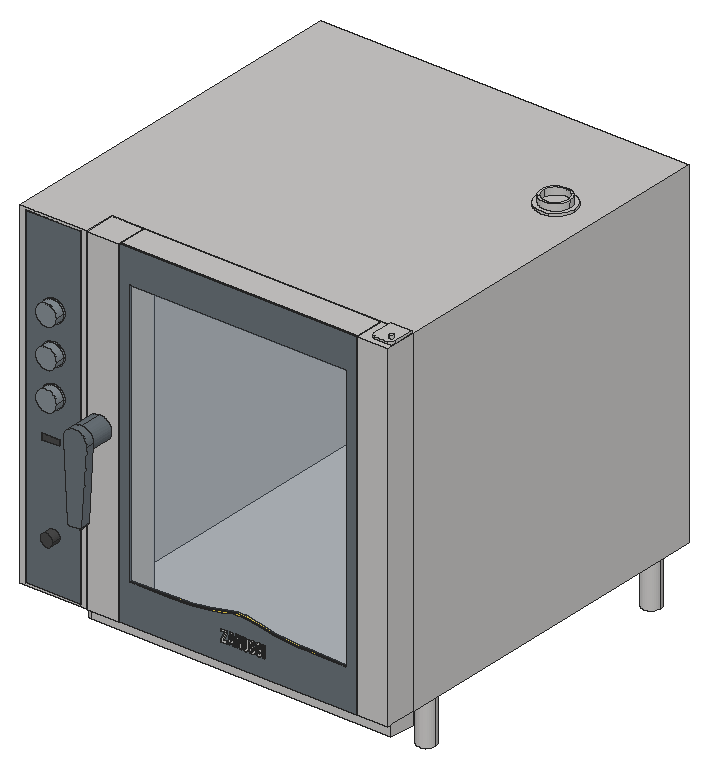
Revit family "QF_ZANUSSI_240455_ZFCE11CSCS", category Specialty Equipment, Revit 2023
Family settings
  Round Connector Dimension = Use Diameter
  Part Type = Normal
  Work Plane-Based = No
  Enable Cutting in Views = No
  Always vertical = Yes
  Cut with Voids When Loaded = No
  Maintain Annotation Orientation = No
  Shared = No
  Room Calculation Point = No
Parameters
  Weight = 121.20 kg
  Watts = 0 W
  Volts = 230 V
  URL Manufacturer = "http://www.zanussiprofessional.com"
  URL = "http://www.zanussiprofessional.com"
  Steam Supply Size = 0 mm
  Steam Supply Minimum Pressure = 0.0 Pa
  Steam Supply Maximum Pressure = 0.0 Pa
  Steam Consumption per Hour = 0
  Show Logo [instance] = yes
  Show Clearance [instance] = yes
  Refrigeration Suction Line Size = 0 mm
  Refrigeration Liquid Line Size = 0 mm
  Refrigerant Compressor Remote = yes
  Default Elevation = 0 mm
  Manufacturer = "Zanussi"
  Phase = 3
  Model = "ZFCE11CSCS"
  Length Actual = 890 mm
  Item Number = "240455"
  Hot Water Size = 0 mm
  Height Actual = 970 mm
  HP = "23.2 HP"
  Gas Size = 12.7 mm
  Gas KW = 0
  Gas Input Pressure = 0.0585289 W
  Direct Waste Size = 25 mm
  Description = "CONVECTION OVEN CW 10 GN 1/1 - ELECTRIC - 230V"
  Depth Actual = 900 mm
  Cycle = 50 Hz
  Condensate Return Size = 0 mm
  Compressed Air Volume = 0.0 L/s
  Compressed Air Size = 0 mm
  Compressed Air Pressure = 0.0 Pa
  Cold Water Size = 19.05 mm
  Accessory = no
Reference planes
  plane 1 "Center X": y = 96.351
  plane 2: z = 0
  plane 3 "Center Y": x = -330
  plane 4 "LEFT": x = -775
  plane 5 "BACK": y = 551.351
  plane 6 "RIGHT": x = 115
  plane 7 "FRONT": y = -358.649
  plane 8 "FeetLeft": x = -725
  plane 9: y = 501.351
  plane 10 "DoorDepth": y = -283.649
  plane 11 "FeetRight": x = 65
  plane 12 "BASE": z = 130
  plane 13 "TOP": z = 950
  plane 14: z = 0
  plane 15 "1": y = 274.351
  plane 16 "FeetFront": y = -178.649
  plane 17: z = 1018
  plane 18: y = -433.649
  plane 19 "Drain_X": x = -349
  plane 20 "Drain_Y": y = 256.351
  plane 21 "EI_x": x = -676
  plane 22 "EI_y": y = -99.649
  plane 23 "CWI_x": x = -659
  plane 24: y = -1044.649
  plane 25: y = 72.351
  plane 26: x = 15
Forms (mm)
  Extrusion 1, solid, material "QF_Finishes_Stainless Steel"
    sketch origin (0, 73.5, 130) x (-1, 0, 0) y (0, -1, 0)
      loop
        circle (659, 1.149) r 13.2
    from -5 to 0
  Extrusion 2, solid, material "QF_Finishes_Stainless Steel"
    sketch origin (0, 57.5, 130) x (-1, 0, 0) y (0, -1, 0)
      loop
        circle (676, 157.149) r 13.25
    from -5 to 0
  Extrusion 3, solid, material "QF_Finishes_Stainless Steel"
    sketch origin (89, -125, 130) x (-1, 0, 0) y (0, -1, 0)
      loop
        circle (438, -381.351) r 13.25
    from -5 to 0
  Extrusion 4, solid, material "QF_Finishes_Black"
    sketch origin (0, -358.649, 77) x (-1, 0, 0) y (0, 0, 1)
      loop
        circle (693.941, 183.023) r 15
    from 0 to -20
  Extrusion 5, solid, material "QF_Finishes_Zanussi_Soft Gray"
    sketch origin (0, -358.649, -96) x (-1, 0, 0) y (0, 0, 1)
      loop
        circle (693, 845.824) r 26.676
    from 0 to -3
  Blend 6, solid, material "QF_Finishes_Zanussi_Soft Gray"
    base sketch origin (0, -358.649, -96) x (-1, 0, 0) y (0, 0, 1)
      loop
        circle (693, 845.824) r 25
    top sketch origin (0, -358.649, -96) x (-1, 0, 0) y (0, 0, 1)
      loop
        circle (693, 845.824) r 24.8
    from -3 to -23
  Extrusion 7, solid, material "QF_Finishes_Zanussi_Soft Gray"
    sketch origin (0, -358.649, -105) x (-1, 0, 0) y (0, 0, 1)
      loop
        circle (693, 760.824) r 26.676
    from 0 to -3
  Blend 8, solid, material "QF_Finishes_Zanussi_Soft Gray"
    base sketch origin (0, -358.649, -105) x (-1, 0, 0) y (0, 0, 1)
      loop
        circle (693, 760.824) r 25
    top sketch origin (0, -358.649, -105) x (-1, 0, 0) y (0, 0, 1)
      loop
        circle (693, 760.824) r 24.8
    from -3 to -23
  Extrusion 9, solid, material "QF_Finishes_Zanussi_Soft Gray"
    sketch origin (0, -358.649, 183) x (-1, 0, 0) y (0, 0, 1)
      loop
        circle (693, 380.824) r 26.676
    from 0 to -3
  Blend 10, solid, material "QF_Finishes_Zanussi_Soft Gray"
    base sketch origin (0, -358.649, 183) x (-1, 0, 0) y (0, 0, 1)
      loop
        circle (693, 380.824) r 25
    top sketch origin (0, -358.649, 183) x (-1, 0, 0) y (0, 0, 1)
      loop
        circle (693, 380.824) r 24.8
    from -3 to -23
  Extrusion 11, solid, material "QF_Finishes_Stainless Steel"
    sketch origin (0, 0, 130) x (-1, 0, 0) y (0, -1, 0)
      loop
        line (775, -551.351) -> (775, 358.649) -> (613, 358.649) -> (613, 283.649) -> (-115, 283.649) -> (-115, -551.351) -> (775, -551.351)
    from 820 to 0
  Extrusion 12, solid, material "QF_Finishes_Zanussi_Dark Gray"
    sketch origin (0, -358.649, 0) x (-1, 0, 0) y (0, 0, 1)
      loop
        line (760, 945) -> (628, 945) -> (628, 135) -> (760, 135) -> (760, 945)
      loop
        line (678.941, 475.023) -> (678.941, 460.023) -> (720.941, 460.023) -> (720.941, 475.023) -> (678.941, 475.023)
    from 0 to 5
  Extrusion 13, void
    sketch origin (0, -358.649, 0) x (-1, 0, 0) y (0, 0, 1)
      loop
        line (760, 945) -> (628, 945) -> (628, 135) -> (760, 135) -> (760, 945)
    from 0 to 5
  Extrusion 14, void
    sketch origin (0, -358.649, 0) x (-1, 0, 0) y (0, 0, 1)
      loop
        line (-87.826, 145) -> (610, 145) -> (610, 930) -> (-87.826, 930) -> (-87.826, 145)
    from 883.561 to 75
  Extrusion 15, solid, material "QF_Finishes_Black"
    sketch origin (-5, -358.649, 195) x (-1, 0, 0) y (0, 0, 1)
      loop
        line (715.941, 280.023) -> (673.941, 280.023) -> (673.941, 265.023) -> (715.941, 265.023) -> (715.941, 280.023)
    from 5 to 0
  Extrusion 16, solid, material "QF_Clearances", detail levels coarse
    sketch origin (0, 0, 0) x (1, 0, 0) y (0, 1, 0)
      loop
        line (-825, -358.649) -> (-775, -358.649) -> (-775, 551.351) -> (115, 551.351) -> (115, -358.649) -> (165, -358.649) -> (165, 601.351) -> (-825, 601.351) -> (-825, -358.649)
    from 950 to 0
  Extrusion 17, solid, material "QF_Finishes_Stainless Steel"
    sketch origin (0, 0, 950) x (-1, 0, 0) y (0, -1, 0)
      loop
        circle (-15, -274.351) r 45
    from 5 to 0
  Extrusion 18, solid, material "QF_Finishes_Stainless Steel"
    sketch origin (0, 0, 950) x (-1, 0, 0) y (0, -1, 0)
      loop
        circle (-15, -274.351) r 35
      loop
        circle (-15, -274.351) r 30
    from 5 to 20.369
Cuts and joins
  Extrusion 13, Extrusion 14 cuts Extrusion 11
Lines and regions (mm)
  symbolic lines
    curve 1: line (-775, -358.649, 1620) -> (-775, 551.351, 1620)
    curve 2: line (-775, 551.351, 1620) -> (115, 551.351, 1620)
    curve 3: line (-613, -283.649, 1620) -> (115, -283.649, 1620)
    curve 4: line (-613, -283.649, 1620) -> (-613, -358.649, 1620)
    curve 5: line (-775, -358.649, 1620) -> (-613, -358.649, 1620)
    curve 6: line (-719.676, -361.649, 1620) -> (-666.324, -361.649, 1620)
    curve 7: line (-719.676, -361.649, 1620) -> (-719.676, -358.649, 1620)
    curve 8: line (-666.324, -361.649, 1620) -> (-666.324, -358.649, 1620)
    curve 9: line (115, 551.351, 1620) -> (115, -358.649, 1620)
    curve 10: line (-717.863, -381.649, 684) -> (-668.2, -381.649, 684)
    curve 11: line (-717.863, -381.649, 684) -> (-718, -361.649, 684)
    curve 12: line (-668.2, -381.649, 684) -> (-668, -361.649, 684)
    curve 18: circle (15, 274.351, 633) r 45 normal (0, 0, 1)
    curve 19: circle (15, 274.351, 633) r 35 normal (0, 0, 1)
    curve 20: circle (15, 274.351, 633) r 30 normal (0, 0, -1)
  symbolic lines, style "QF_Clearances", detail levels coarse
    curve 13: line (-825, -358.649, 0) -> (-825, 601.351, 0)
    curve 14: line (-825, 601.351, 0) -> (165, 601.351, 0)
    curve 15: line (165, 601.351, 0) -> (165, -358.649, 0)
    curve 16: line (165, -358.649, 0) -> (115, -358.649, 0)
    curve 17: line (-825, -358.649, 0) -> (-768.438, -358.649, 0)
Dimensions and locks
  equal spacing: plane 4 "LEFT", plane 3 "Center Y", plane 6 "RIGHT"
  equal spacing: plane 5 "BACK", plane 1 "Center X", plane 7 "FRONT"
  plane 12 "BASE" to plane 14 = 130 mm
  plane 13 "TOP" to plane 12 "BASE" = 820 mm
  plane 13 "TOP" to plane 14 = 950 mm
  plane 5 "BACK" to plane 9 = 50 mm
  plane 9 to plane 16 "FeetFront" = 680 mm
  locked: plane 16 "FeetFront" to plane 7 "FRONT" at 180
  plane 17 to plane 13 "TOP" to plane 12 "BASE" to level = 68 mm, 820 mm, 130 mm
  plane 17 to level = 1018 mm  (x2)
  plane 7 "FRONT" to plane 18 = 75 mm
  plane 5 "BACK" to plane 20 "Drain_Y" = 295 mm
  plane 4 "LEFT" to plane 19 "Drain_X" = 426 mm
  locked: plane 4 "LEFT" to plane 21 "EI_x" at 99
  plane 5 "BACK" to plane 22 "EI_y" = 651 mm
  plane 4 "LEFT" to plane 23 "CWI_x" = 116 mm
  plane 5 "BACK" to plane 15 "1" = 277 mm
  plane 5 "BACK" to plane 24 = 1596 mm
  plane 5 "BACK" to plane 25 = 479 mm
  locked: plane 10 "DoorDepth" to plane 7 "FRONT" at 75
  plane 8 "FeetLeft" to plane 4 "LEFT" = 50 mm
  plane 6 "RIGHT" to plane 11 "FeetRight" = 50 mm
  plane 11 "FeetRight" to plane 8 "FeetLeft" = 790 mm
  plane 5 "BACK" to plane 7 "FRONT" = 910 mm
  plane 4 "LEFT" to plane 6 "RIGHT" = 890 mm
  plane 26 to plane 6 "RIGHT" = 100 mm
  aligned and locked: level to plane 2
  aligned and locked: plane 12 "BASE" to nested 1
  aligned and locked: plane 12 "BASE" to nested 2
  aligned and locked: plane 12 "BASE" to nested 4
  aligned and locked: plane 12 "BASE" to nested 3
  aligned and locked: nested 5 to plane 10 "DoorDepth"
  aligned and locked: nested 5 to plane 12 "BASE"
  aligned and locked: plane 6 "RIGHT" to nested 5
  aligned and locked: plane 8 "FeetLeft" to nested 4
  aligned and locked: plane 11 "FeetRight" to nested 2
  aligned and locked: plane 11 "FeetRight" to nested 3
  aligned and locked: nested 4 to plane 9
  aligned and locked: nested 3 to plane 9
  aligned and locked: plane 16 "FeetFront" to nested 1
  aligned and locked: plane 16 "FeetFront" to nested 2
Automatic sketch dimensions
  Extrusion 2 sketch curve to plane 21 "EI_x" = 0 mm
  Extrusion 2 sketch curve to plane 22 "EI_y" = 0 mm
  Extrusion 3 sketch curve to plane 19 "Drain_X" = 0 mm
  Extrusion 3 sketch curve to plane 20 "Drain_Y" = 0 mm
  plane 12 "BASE" to Extrusion 4 sketch curve = 130.023 mm
  Extrusion 5 sketch curve to plane 13 "TOP" = 200.176 mm
  Blend 6 sketch curve to plane 13 "TOP" = 200.176 mm  (x2)
  Extrusion 7 sketch curve to plane 13 "TOP" = 294.176 mm
  Blend 8 sketch curve to plane 13 "TOP" = 294.176 mm  (x2)
  plane 12 "BASE" to Extrusion 9 sketch curve = 433.824 mm
  plane 12 "BASE" to Blend 10 sketch curve = 433.824 mm  (x2)
  Extrusion 11 sketch curve to plane 5 "BACK" = 0 mm
  Extrusion 11 sketch curve to plane 6 "RIGHT" = 0 mm
  Extrusion 11 sketch curve to plane 10 "DoorDepth" = 0 mm
  Extrusion 11 sketch curve to plane 7 "FRONT" = 0 mm
  Extrusion 11 sketch curve to plane 4 "LEFT" = 0 mm
  plane 21 "EI_x" to Extrusion 11 sketch curve = 63 mm
  Extrusion 13 sketch curve to plane 13 "TOP" = 5 mm
  plane 21 "EI_x" to Extrusion 13 sketch curve = 48 mm
  Extrusion 13 sketch curve to plane 8 "FeetLeft" = 35 mm
  plane 12 "BASE" to Extrusion 13 sketch curve = 5 mm
  Extrusion 14 sketch curve to plane 13 "TOP" = 20 mm
  plane 11 "FeetRight" to Extrusion 14 sketch curve = 22.826 mm
  plane 21 "EI_x" to Extrusion 14 sketch curve = 66 mm
  plane 12 "BASE" to Extrusion 14 sketch curve = 15 mm
  Extrusion 12 sketch curve to plane 13 "TOP" = 5 mm
  plane 21 "EI_x" to Extrusion 12 sketch curve = 48 mm
  Extrusion 12 sketch curve to plane 21 "EI_x" = 2.941 mm
  plane 8 "FeetLeft" to Extrusion 12 sketch curve = 4.059 mm
  plane 4 "LEFT" to Extrusion 12 sketch curve = 15 mm
  plane 12 "BASE" to Extrusion 12 sketch curve = 345.023 mm
  Extrusion 12 sketch curve to Extrusion 12 sketch curve = 15 mm
  plane 12 "BASE" to Extrusion 12 sketch curve = 5 mm
  Extrusion 15 sketch curve to plane 21 "EI_x" = 2.941 mm
  plane 8 "FeetLeft" to Extrusion 15 sketch curve = 4.059 mm
  plane 12 "BASE" to Extrusion 15 sketch curve = 330.023 mm
  Extrusion 15 sketch curve to Extrusion 15 sketch curve = 15 mm
  curve 3 to plane 10 "DoorDepth" = 0 mm
  curve 5 to plane 7 "FRONT" = 0 mm
  curve 2 to plane 4 "LEFT" = 0 mm
  curve 1 to plane 5 "BACK" = 0 mm
  plane 21 "EI_x" to curve 3 = 63 mm
  curve 8 to plane 7 "FRONT" = 3 mm
  plane 21 "EI_x" to curve 8 = 9.676 mm
  plane 8 "FeetLeft" to curve 6 = 5.324 mm
  curve 9 to plane 6 "RIGHT" = 0 mm
  curve 9 to plane 7 "FRONT" = 0 mm
  Extrusion 16 sketch curve to plane 7 "FRONT" = 0 mm  (x2)
  Extrusion 16 sketch curve to plane 4 "LEFT" = 0 mm
  Extrusion 16 sketch curve to plane 5 "BACK" = 0 mm
  Extrusion 16 sketch curve to plane 6 "RIGHT" = 0 mm
  Extrusion 16 sketch curve to Extrusion 16 sketch curve = 50 mm
  plane 6 "RIGHT" to Extrusion 16 sketch curve = 50 mm
  plane 5 "BACK" to Extrusion 16 sketch curve = 50 mm
  Extrusion 1 sketch curve to plane 23 "CWI_x" = 0 mm
  Extrusion 1 sketch curve to plane 25 = 0 mm
  curve 13 to plane 7 "FRONT" = 0 mm
  curve 16 to plane 6 "RIGHT" = 0 mm
  curve 16 to plane 7 "FRONT" = 0 mm
  curve 17 to plane 4 "LEFT" = 50 mm
  plane 6 "RIGHT" to curve 15 = 50 mm
  plane 5 "BACK" to curve 14 = 50 mm
  plane 4 "LEFT" to curve 17 = 6.562 mm
  plane 21 "EI_x" to curve 12 = 7.8 mm
  curve 12 to plane 7 "FRONT" = 23 mm
  curve 12 to plane 7 "FRONT" = 3 mm
  plane 21 "EI_x" to curve 12 = 8 mm
  plane 8 "FeetLeft" to curve 11 = 7.137 mm
  curve 11 to plane 7 "FRONT" = 3 mm
  plane 8 "FeetLeft" to curve 11 = 7 mm
  Extrusion 4 sketch curve to plane 21 "EI_x" = 17.941 mm
  Extrusion 5 sketch curve to plane 21 "EI_x" = 17 mm
  Blend 6 sketch curve to plane 21 "EI_x" = 17 mm  (x2)
  Extrusion 7 sketch curve to plane 21 "EI_x" = 17 mm
  Blend 8 sketch curve to plane 21 "EI_x" = 17 mm  (x2)
  Extrusion 9 sketch curve to plane 21 "EI_x" = 17 mm
  Blend 10 sketch curve to plane 21 "EI_x" = 17 mm  (x2)
  curve 18 to curve 19 = 0 mm  (x2)
  curve 18 to curve 20 = 0 mm  (x2)
  curve 19 to curve 20 = 0 mm  (x2)
  curve 19 to plane 15 "1" = 0 mm
  curve 19 to plane 26 = 0 mm
  Extrusion 18 sketch curve to Extrusion 18 sketch curve = 0 mm  (x2)
  Extrusion 18 sketch curve to plane 15 "1" = 0 mm
  Extrusion 18 sketch curve to plane 26 = 0 mm
  Extrusion 17 sketch curve to plane 15 "1" = 0 mm
  Extrusion 17 sketch curve to plane 26 = 0 mm
  radius of Extrusion 2 sketch curve = 13.25 mm
  radius of Extrusion 3 sketch curve = 13.25 mm
  radius of Extrusion 4 sketch curve = 15 mm
  radius of Extrusion 5 sketch curve = 26.676 mm
  radius of Blend 6 sketch curve = 25 mm
  radius of Blend 6 sketch curve = 24.8 mm
  radius of Extrusion 7 sketch curve = 26.676 mm
  radius of Blend 8 sketch curve = 25 mm
  radius of Blend 8 sketch curve = 24.8 mm
  radius of Extrusion 9 sketch curve = 26.676 mm
  radius of Blend 10 sketch curve = 25 mm
  radius of Blend 10 sketch curve = 24.8 mm
  radius of Extrusion 1 sketch curve = 13.2 mm
  radius of curve 18 = 45 mm
  radius of curve 19 = 35 mm
  radius of curve 20 = 30 mm
  radius of Extrusion 18 sketch curve = 35 mm
  radius of Extrusion 18 sketch curve = 30 mm
  radius of Extrusion 17 sketch curve = 45 mm
Nested families
  nested 1: "Foot" at (-725, -178.649, 0), type "Foot"
    with Ø 22 mm, H 130 mm
  nested 2: "Foot" at (65, -178.649, 0), type "Foot"
    with Ø 22 mm, H 130 mm
  nested 3: "Foot" at (65, 501.351, 0), type "Foot"
    with Ø 22 mm, H 130 mm
  nested 4: "Foot" at (-725, 501.351, 0), type "Foot"
    with Ø 22 mm, H 130 mm
  nested 5: "ZAN_DOOR_CROSSWISE_H820" at (115, -286.649, 0), type "ZAN_DOOR_CROSSWISE_H820"
    with Show Clearance yes
Connectors
  piping at (-349, 256.351, 125), diameter 25, driven by "Direct Waste Size"
    settings: on Extrusion 3, index 6, connector inside diameter 609.6 mm, connector length 0 mm, flow factor 0, pipe flow 0.0 L/s, pressure drop 0.0 Pa, fitting loss kfactor 0, connector angle 0.00°, fixture units 0, engagement length 0 mm, angle of deflection 0.00°, flow configuration 0, flow direction 2, fitting loss method 0, system type 16, joint type 0, gender type 0, connector reference index -1, connector utility 0, adjustable connector no, is connector primary yes, connector description "Drain"
  electrical at (-676, -99.649, 125)
    settings: on Extrusion 2, index 7, voltage 0 V, apparent load 0 VA, apparent load phase1 0 VA, apparent load phase2 0 VA, apparent load phase3 0 VA, power factor 1, load classification "Altro", number of poles 1, system type 30, power factor state 1, is connector primary yes, connector utility no, sub classification motor no, connector description "Electrical Connection"
  piping at (-659, 72.351, 125), diameter 19.05, driven by "Cold Water Size"
    settings: on Extrusion 1, index 8, connector inside diameter 609.6 mm, connector length 0 mm, flow factor 0, pipe flow 0.0 L/s, pressure drop 0.0 Pa, fitting loss kfactor 0, connector angle 0.00°, fixture units 0, engagement length 0 mm, angle of deflection 0.00°, flow configuration 0, flow direction 1, fitting loss method 0, system type 20, joint type 0, gender type 0, connector reference index -1, connector utility 0, adjustable connector no, is connector primary no, connector description "Cold Water Inlet"
Definition of nested family "Foot"
  Parameters
    Ø [instance] = 20 mm
    Default Elevation = 0 mm
    H [instance] = 50 mm
  Reference planes
    plane 1 "Centro (Fronte/Retro)": y = 0
    plane 2: z = 0
    plane 3 "Centro (Sinistra/Destra)": x = 0
    plane 4: z = 50
  Forms (mm)
    Revolve 1, solid
      sketch origin (255.05, 0, 608.09) x (0, 0, 1) y (-1, 0, 0)
        loop
          line (-608.09, 255.05) -> (-608.09, 235.05) -> (-558.09, 235.05) -> (-558.09, 255.05) -> (-608.09, 255.05)
        axis (-608.09, 255.05) -> (-558.09, 255.05)
      angle from 0 to 360
  Dimensions and locks
    "H": plane 4 to plane 2
    "Ø": Revolve 1 sketch curve to Revolve 1 sketch curve
    aligned and locked: level to plane 2
    aligned and locked: plane 4 to Revolve 1 sketch curve
    aligned and locked: Revolve 1 sketch curve to level
    aligned and locked: plane 3 "Centro (Sinistra/Destra)" to Revolve 1 sketch curve
  Automatic sketch dimensions
    Revolve 1 sketch curve to plane 3 "Centro (Sinistra/Destra)" = 0 mm
    Revolve 1 sketch curve to Revolve 1 sketch curve = 50 mm
    Revolve 1 sketch curve to Revolve 1 sketch curve = 20 mm
Definition of nested family "ZAN_DOOR_CROSSWISE_H820"
  Parameters (values of type "ZAN_DOOR_CROSSWISE_H820")
    sp_Lama = 5 mm
    Z_Maniglia = 405 mm
    W_Door = 725 mm
    Show Clearance [instance] = yes
    Default Elevation = 0 mm
    H_Feet = 130 mm
    H_FasciaTop = 75 mm
    H_Door = 820 mm
    W_fasce = 75 mm
    Direct Waste Size = 25 mm
  Reference planes
    plane 1 "Center (Front/Back)": y = 3
    plane 2: z = 0
    plane 3 "Center (Left/Right)": x = 0
    plane 4 "Top": z = 950
    plane 5 "Feet": z = 130
    plane 6 "Front": y = -72
    plane 7: z = 945
    plane 8: z = 870
    plane 9: x = -625
    plane 10: x = -75
    plane 11: x = -725
    plane 12: x = -650
    plane 13: x = -100
    plane 14: x = -649
    plane 15: x = -76
    plane 16: z = 154
    plane 17: z = 535
    plane 18: x = -697
  Forms (mm)
    Extrusion 1, solid
      sketch origin (0, -72, 0) x (0, 0, -1) y (-1, 0, 0)
        loop
          line (-950, 725) -> (-950, 650) -> (-130, 650) -> (-130, 725) -> (-950, 725)
        loop
          line (-950, 0) -> (-130, 0) -> (-130, 75) -> (-950, 75) -> (-950, 0)
      from 0 to 75
    Extrusion 2, solid
      sketch origin (0, -72, 0) x (0, 0, -1) y (-1, 0, 0)
        loop
          line (-226.277, 625) -> (-870, 625) -> (-870, 100) -> (-226.277, 100) -> (-226.277, 179.596) -> (-226.464, 194.035) -> (-226.816, 214.136)
          arc (-226.816, 214.136) -> (-227.121, 224.207) -> (-227.693, 234.266) r 381.251
          arc (-227.693, 234.266) -> (-229.438, 254.344) -> (-232.142, 274.315) r 421.149
          arc (-232.142, 274.315) -> (-235.022, 290.185) -> (-238.297, 305.979) r 647.683
          arc (-238.297, 305.979) -> (-241.149, 319.693) -> (-243.677, 333.471) r 593.178
          arc (-243.677, 333.471) -> (-244.098, 337.378) -> (-244.435, 341.294) r 181.693
          arc (-244.435, 341.294) -> (-244.748, 347.295) -> (-244.843, 353.303) r 166.118
          arc (-244.843, 353.303) -> (-244.747, 359.31) -> (-244.433, 365.309) r 166.118
          arc (-244.433, 365.309) -> (-244.097, 369.204) -> (-243.677, 373.091) r 181.693
          arc (-243.677, 373.091) -> (-241.149, 386.869) -> (-238.297, 400.583) r 593.179
          arc (-238.297, 400.583) -> (-235.025, 416.365) -> (-232.147, 432.223) r 647.683
          arc (-232.147, 432.223) -> (-229.444, 452.168) -> (-227.698, 472.219) r 421.148
          arc (-227.698, 472.219) -> (-227.123, 482.317) -> (-226.816, 492.426) r 381.251
          line (-226.816, 492.426) -> (-226.464, 512.527) -> (-226.277, 526.966) -> (-226.277, 625)
        loop
          line (-130, 76) -> (-130, 649) -> (-950, 649) -> (-950, 76) -> (-130, 76)
      from 0 to 5
    Extrusion 3, void
      sketch origin (-100, -72, 0) x (-1, 0, 0) y (0, 0, 1)
        loop
          line (288.603, 173.973) -> (303.509, 173.973) -> (303.509, 179.706) -> (295.318, 196.905) -> (302.853, 196.741) -> (302.853, 201.982) -> (288.603, 201.982) -> (288.603, 197.232) -> (297.201, 179.706) -> (288.603, 179.706) -> (288.603, 173.973)
        loop
          line (280.375, 184.456) -> (278.737, 197.195) -> (277.1, 184.456) -> (280.375, 184.456)
        loop
          line (281.849, 173.973) -> (287.746, 173.973) -> (282.669, 201.982) -> (274.806, 201.982) -> (269.565, 173.973) -> (275.461, 173.973) -> (276.281, 179.378) -> (281.031, 179.378) -> (281.849, 173.973)
        loop
          line (268.839, 201.982) -> (262.778, 201.982) -> (258.028, 184.128) -> (258.028, 201.982) -> (252.786, 201.982) -> (252.786, 173.973) -> (259.011, 173.973) -> (263.761, 192.482) -> (263.761, 173.973) -> (268.839, 173.973) -> (268.839, 201.982)
        loop
          line (251.476, 180.9) -> (251.476, 201.982) -> (245.743, 201.982) -> (245.743, 180.689)
          arc (245.743, 180.689) -> (243.81, 179.443) -> (242.303, 181.18) r 1.755
          line (242.303, 181.18) -> (242.303, 201.982) -> (236.57, 201.982) -> (236.57, 179.87)
          arc (236.57, 179.87) -> (244.469, 173.928) -> (251.476, 180.9) r 7.548
        loop
          line (225.923, 193.137) -> (225.923, 196.183)
          arc (225.923, 196.183) -> (228.232, 197.801) -> (229.849, 195.492) r 1.993
          arc (229.849, 195.492) -> (229.394, 194.205) -> (228.544, 193.137) r 4.132
          line (228.544, 193.137) -> (222.261, 187.482)
          arc (222.261, 187.482) -> (220.244, 183.234) -> (220.358, 178.532) r 10.152
          arc (220.358, 178.532) -> (226.648, 173.979) -> (234.116, 176.106) r 8.889
          arc (234.116, 176.106) -> (235.696, 179.791) -> (235.751, 183.801) r 10.311
          line (235.751, 183.801) -> (230.033, 183.801)
          arc (230.033, 183.801) -> (230.009, 183.099) -> (230.033, 182.396) r 10.165
          arc (230.033, 182.396) -> (230.059, 181.653) -> (230.033, 180.91) r 10.759
          arc (230.033, 180.91) -> (229.7, 179.855) -> (228.922, 179.068) r 2.359
          arc (228.922, 179.068) -> (226.339, 179.656) -> (226.065, 182.291) r 2.275
          arc (226.065, 182.291) -> (227.174, 183.799) -> (228.6, 185.01) r 8.056
          line (228.6, 185.01) -> (231.016, 187.151)
          arc (231.016, 187.151) -> (233.167, 189.4) -> (234.919, 191.972) r 18.895
          arc (234.919, 191.972) -> (235.183, 196.623) -> (233.05, 200.765) r 8.857
          arc (233.05, 200.765) -> (227.818, 202.471) -> (222.586, 200.765) r 8.876
          arc (222.586, 200.765) -> (220.806, 198.522) -> (220.429, 195.684) r 5.378
          line (220.429, 195.684) -> (220.518, 193.137) -> (225.923, 193.137)
        loop
          line (209.587, 193.137) -> (209.587, 196.183)
          arc (209.587, 196.183) -> (211.896, 197.801) -> (213.513, 195.492) r 1.993
          arc (213.513, 195.492) -> (213.058, 194.205) -> (212.208, 193.137) r 4.132
          line (212.208, 193.137) -> (205.924, 187.482)
          arc (205.924, 187.482) -> (203.908, 183.234) -> (204.022, 178.532) r 10.152
          arc (204.022, 178.532) -> (210.312, 173.979) -> (217.779, 176.106) r 8.889
          arc (217.779, 176.106) -> (219.36, 179.791) -> (219.415, 183.801) r 10.311
          line (219.415, 183.801) -> (213.696, 183.801)
          arc (213.696, 183.801) -> (213.672, 183.099) -> (213.696, 182.396) r 10.165
          arc (213.696, 182.396) -> (213.722, 181.653) -> (213.696, 180.91) r 10.759
          arc (213.696, 180.91) -> (213.363, 179.855) -> (212.586, 179.068) r 2.359
          arc (212.586, 179.068) -> (210.003, 179.656) -> (209.729, 182.291) r 2.275
          arc (209.729, 182.291) -> (210.837, 183.799) -> (212.264, 185.01) r 8.056
          line (212.264, 185.01) -> (214.679, 187.151)
          arc (214.679, 187.151) -> (216.83, 189.4) -> (218.583, 191.972) r 18.895
          arc (218.583, 191.972) -> (218.847, 196.623) -> (216.714, 200.765) r 8.857
          arc (216.714, 200.765) -> (211.482, 202.471) -> (206.25, 200.765) r 8.876
          arc (206.25, 200.765) -> (204.469, 198.522) -> (204.093, 195.684) r 5.378
          line (204.093, 195.684) -> (204.182, 193.137) -> (209.587, 193.137)
        loop
          line (202.992, 201.982) -> (197.259, 201.982) -> (197.259, 173.973) -> (202.992, 173.973) -> (202.992, 201.982)
      from 0 to 2
    Extrusion 4, solid
      sketch origin (0, -72, 0) x (0, 0, -1) y (-1, 0, 0)
        loop
          line (-173.973, 388.603) -> (-173.973, 403.509) -> (-179.706, 403.509) -> (-196.905, 395.318) -> (-196.741, 402.853) -> (-201.982, 402.853) -> (-201.982, 388.603) -> (-197.232, 388.603) -> (-179.706, 397.201) -> (-179.706, 388.603) -> (-173.973, 388.603)
        loop
          line (-184.456, 380.375) -> (-197.195, 378.737) -> (-184.456, 377.1) -> (-184.456, 380.375)
        loop
          line (-173.973, 381.849) -> (-173.973, 387.746) -> (-201.982, 382.669) -> (-201.982, 374.806) -> (-173.973, 369.565) -> (-173.973, 375.461) -> (-179.378, 376.281) -> (-179.378, 381.031) -> (-173.973, 381.849)
        loop
          line (-201.982, 368.839) -> (-201.982, 362.778) -> (-184.128, 358.028) -> (-201.982, 358.028) -> (-201.982, 352.786) -> (-173.973, 352.786) -> (-173.973, 359.011) -> (-192.482, 363.761) -> (-173.973, 363.761) -> (-173.973, 368.839) -> (-201.982, 368.839)
        loop
          line (-180.9, 351.476) -> (-201.982, 351.476) -> (-201.982, 345.743) -> (-180.689, 345.743)
          arc (-180.689, 345.743) -> (-179.443, 343.81) -> (-181.18, 342.303) r 1.755
          line (-181.18, 342.303) -> (-201.982, 342.303) -> (-201.982, 336.57) -> (-179.87, 336.57)
          arc (-179.87, 336.57) -> (-173.928, 344.469) -> (-180.9, 351.476) r 7.548
        loop
          line (-193.137, 325.923) -> (-196.183, 325.923)
          arc (-196.183, 325.923) -> (-197.801, 328.232) -> (-195.492, 329.849) r 1.993
          arc (-195.492, 329.849) -> (-194.205, 329.394) -> (-193.137, 328.544) r 4.132
          line (-193.137, 328.544) -> (-187.482, 322.261)
          arc (-187.482, 322.261) -> (-183.234, 320.244) -> (-178.532, 320.358) r 10.152
          arc (-178.532, 320.358) -> (-173.979, 326.648) -> (-176.106, 334.116) r 8.889
          arc (-176.106, 334.116) -> (-179.791, 335.696) -> (-183.801, 335.751) r 10.311
          line (-183.801, 335.751) -> (-183.801, 330.033)
          arc (-183.801, 330.033) -> (-183.099, 330.009) -> (-182.396, 330.033) r 10.165
          arc (-182.396, 330.033) -> (-181.653, 330.059) -> (-180.91, 330.033) r 10.759
          arc (-180.91, 330.033) -> (-179.855, 329.7) -> (-179.068, 328.922) r 2.359
          arc (-179.068, 328.922) -> (-179.656, 326.339) -> (-182.291, 326.065) r 2.275
          arc (-182.291, 326.065) -> (-183.799, 327.174) -> (-185.01, 328.6) r 8.056
          line (-185.01, 328.6) -> (-187.151, 331.016)
          arc (-187.151, 331.016) -> (-189.4, 333.167) -> (-191.972, 334.919) r 18.895
          arc (-191.972, 334.919) -> (-196.623, 335.183) -> (-200.765, 333.05) r 8.857
          arc (-200.765, 333.05) -> (-202.471, 327.818) -> (-200.765, 322.586) r 8.876
          arc (-200.765, 322.586) -> (-198.522, 320.806) -> (-195.684, 320.429) r 5.378
          line (-195.684, 320.429) -> (-193.137, 320.518) -> (-193.137, 325.923)
        loop
          line (-193.137, 309.587) -> (-196.183, 309.587)
          arc (-196.183, 309.587) -> (-197.801, 311.896) -> (-195.492, 313.513) r 1.993
          arc (-195.492, 313.513) -> (-194.205, 313.058) -> (-193.137, 312.208) r 4.132
          line (-193.137, 312.208) -> (-187.482, 305.924)
          arc (-187.482, 305.924) -> (-183.234, 303.908) -> (-178.532, 304.022) r 10.152
          arc (-178.532, 304.022) -> (-173.979, 310.312) -> (-176.106, 317.779) r 8.889
          arc (-176.106, 317.779) -> (-179.791, 319.36) -> (-183.801, 319.415) r 10.311
          line (-183.801, 319.415) -> (-183.801, 313.696)
          arc (-183.801, 313.696) -> (-183.099, 313.672) -> (-182.396, 313.696) r 10.165
          arc (-182.396, 313.696) -> (-181.653, 313.722) -> (-180.91, 313.696) r 10.759
          arc (-180.91, 313.696) -> (-179.855, 313.363) -> (-179.068, 312.586) r 2.359
          arc (-179.068, 312.586) -> (-179.656, 310.003) -> (-182.291, 309.729) r 2.275
          arc (-182.291, 309.729) -> (-183.799, 310.837) -> (-185.01, 312.264) r 8.056
          line (-185.01, 312.264) -> (-187.151, 314.679)
          arc (-187.151, 314.679) -> (-189.4, 316.83) -> (-191.972, 318.583) r 18.895
          arc (-191.972, 318.583) -> (-196.623, 318.847) -> (-200.765, 316.714) r 8.857
          arc (-200.765, 316.714) -> (-202.471, 311.482) -> (-200.765, 306.25) r 8.876
          arc (-200.765, 306.25) -> (-198.522, 304.469) -> (-195.684, 304.093) r 5.378
          line (-195.684, 304.093) -> (-193.137, 304.182) -> (-193.137, 309.587)
        loop
          line (-201.982, 302.992) -> (-201.982, 297.259) -> (-173.973, 297.259) -> (-173.973, 302.992) -> (-201.982, 302.992)
      from 0 to 2
    Extrusion 5, solid
      sketch origin (0, -72, 0) x (0, 0, -1) y (-1, 0, 0)
        loop
          line (-945, 649) -> (-945, 625) -> (-154, 625) -> (-154, 100) -> (-945, 100) -> (-945, 76) -> (-130, 76) -> (-130, 649) -> (-945, 649)
      from 5 to 75
    Extrusion 6, solid
      sketch origin (0, -72, 0) x (0, 0, -1) y (-1, 0, 0)
        loop
          line (-945, 625) -> (-945, 100) -> (-154, 100) -> (-154, 625) -> (-945, 625)
      from 75 to 70
    Extrusion 7, solid
      sketch origin (0, -72, 0) x (0, 0, -1) y (-1, 0, 0)
        loop
          line (-945, 649) -> (-950, 649) -> (-950, 76) -> (-945, 76) -> (-945, 649)
      from 5 to 75
    Extrusion 8, solid
      sketch origin (-100, -72, -17) x (-1, 0, 0) y (0, 0, 1)
        loop
          arc (608.817, 368.345) -> (612.24, 369.7) -> (613.808, 373.032) r 5
          line (613.808, 373.032) -> (624.987, 551.163)
          arc (624.987, 551.163) -> (596.54, 579.996) -> (569.055, 550.244) r 28
          line (569.055, 550.244) -> (580.194, 373.003)
          arc (580.194, 373.003) -> (581.77, 369.69) -> (585.183, 368.345) r 5
          line (585.183, 368.345) -> (608.817, 368.345)
      from -55 to -75
    Extrusion 9, solid
      sketch origin (0, -72, 0) x (0, 0, -1) y (-1, 0, 0)
        loop
          circle (-535, 697) r 28
      from 0 to -55
    Extrusion 10, solid
      sketch origin (0, 0, 0) x (0, 1, 0) y (0, 0, 1)
        loop
          line (-62, 130) -> (-62, 105) -> (3, 100.455) -> (3, 130) -> (-62, 130)
      from -725 to 0
    Extrusion 11, solid
      sketch origin (0, 0, 950) x (0, -1, 0) y (1, 0, 0)
        loop
          circle (38.919, -17.1) r 5
      from 10 to 5
    Extrusion 12, solid
      sketch origin (0, 0, 950) x (0, -1, 0) y (1, 0, 0)
        loop
          line (-3, -52.67) -> (47, -52.67)
          arc (47, -52.67) -> (54.071, -49.741) -> (57, -42.67) r 10
          line (57, -42.67) -> (57, -12.67)
          arc (57, -12.67) -> (54.071, -5.598) -> (47, -2.67) r 10
          line (47, -2.67) -> (-3, -2.67) -> (-3, -52.67)
      from 5 to 0
    Extrusion 13, solid, detail levels coarse
      sketch origin (-100, 215.149, 0) x (1, 0, 0) y (0, 1, 0)
        loop
          line (100, -972.149) -> (100, -287.149) -> (-625.004, -287.149)
          arc (-625.004, -287.149) -> (-403.591, -778.978) -> (100, -972.149) r 708.043
      from 950 to 130
    Extrusion 14, solid
      sketch origin (0, -72, 0) x (0, 0, -1) y (-1, 0, 0)
        loop
          line (-870, 625) -> (-870, 100) -> (-226.277, 100) -> (-228.887, 193.987) -> (-229.313, 214.075)
          arc (-229.313, 214.075) -> (-229.647, 224.091) -> (-230.232, 234.096) r 398.755
          arc (-230.232, 234.096) -> (-232.012, 254.045) -> (-234.745, 273.886) r 418.492
          arc (-234.745, 273.886) -> (-237.493, 288.79) -> (-240.528, 303.64) r 786.502
          arc (-240.528, 303.64) -> (-243.753, 318.136) -> (-246.344, 332.759) r 340.705
          arc (-246.344, 332.759) -> (-247.057, 338.079) -> (-247.553, 343.424) r 132.002
          arc (-247.553, 343.424) -> (-247.817, 348.358) -> (-247.896, 353.299) r 132.002
          arc (-247.896, 353.299) -> (-247.815, 358.239) -> (-247.55, 363.173) r 132.002
          arc (-247.55, 363.173) -> (-247.055, 368.5) -> (-246.344, 373.803) r 132.002
          arc (-246.344, 373.803) -> (-243.753, 388.426) -> (-240.528, 402.923) r 340.705
          arc (-240.528, 402.923) -> (-237.495, 417.76) -> (-234.749, 432.652) r 786.502
          arc (-234.749, 432.652) -> (-232.016, 452.488) -> (-230.234, 472.433) r 418.492
          arc (-230.234, 472.433) -> (-229.647, 482.454) -> (-229.313, 492.487) r 398.755
          line (-229.313, 492.487) -> (-228.887, 512.575) -> (-226.277, 625) -> (-870, 625)
      from 0 to 5
    Extrusion 15, solid
      sketch origin (0, -72, 0) x (0, 0, -1) y (-1, 0, 0)
        loop
          line (-228.887, 512.575) -> (-229.313, 492.487)
          arc (-229.313, 492.487) -> (-229.647, 482.454) -> (-230.234, 472.433) r 398.755
          arc (-230.234, 472.433) -> (-232.016, 452.488) -> (-234.749, 432.652) r 418.492
          arc (-234.749, 432.652) -> (-237.495, 417.76) -> (-240.528, 402.923) r 786.502
          arc (-240.528, 402.923) -> (-243.753, 388.426) -> (-246.344, 373.803) r 340.705
          arc (-246.344, 373.803) -> (-247.055, 368.5) -> (-247.55, 363.173) r 132.002
          arc (-247.55, 363.173) -> (-247.815, 358.239) -> (-247.896, 353.299) r 132.002
          arc (-247.896, 353.299) -> (-247.817, 348.358) -> (-247.553, 343.424) r 132.002
          arc (-247.553, 343.424) -> (-247.057, 338.079) -> (-246.344, 332.759) r 132.002
          arc (-246.344, 332.759) -> (-243.753, 318.136) -> (-240.528, 303.64) r 340.705
          arc (-240.528, 303.64) -> (-237.493, 288.79) -> (-234.745, 273.886) r 786.502
          arc (-234.745, 273.886) -> (-232.012, 254.045) -> (-230.232, 234.096) r 418.492
          arc (-230.232, 234.096) -> (-229.647, 224.091) -> (-229.313, 214.075) r 398.755
          line (-229.313, 214.075) -> (-228.887, 193.987) -> (-226.277, 100) -> (-226.277, 179.596) -> (-226.464, 194.035) -> (-226.816, 214.136)
          arc (-226.816, 214.136) -> (-227.121, 224.207) -> (-227.693, 234.266) r 381.251
          arc (-227.693, 234.266) -> (-229.438, 254.344) -> (-232.142, 274.315) r 421.149
          arc (-232.142, 274.315) -> (-235.022, 290.185) -> (-238.297, 305.979) r 647.683
          arc (-238.297, 305.979) -> (-241.149, 319.693) -> (-243.677, 333.471) r 593.178
          arc (-243.677, 333.471) -> (-244.328, 338.674) -> (-244.808, 343.895) r 159.419
          arc (-244.808, 343.895) -> (-245.055, 348.594) -> (-245.149, 353.299) r 143.741
          arc (-245.149, 353.299) -> (-245.054, 358.003) -> (-244.805, 362.702) r 143.741
          arc (-244.805, 362.702) -> (-244.326, 367.906) -> (-243.677, 373.091) r 159.42
          arc (-243.677, 373.091) -> (-241.149, 386.869) -> (-238.297, 400.583) r 593.179
          arc (-238.297, 400.583) -> (-235.025, 416.365) -> (-232.147, 432.223) r 647.683
          arc (-232.147, 432.223) -> (-229.444, 452.168) -> (-227.698, 472.219) r 421.148
          arc (-227.698, 472.219) -> (-227.123, 482.317) -> (-226.816, 492.426) r 381.251
          line (-226.816, 492.426) -> (-226.464, 512.527) -> (-226.277, 526.966) -> (-226.277, 625) -> (-228.887, 512.575)
      from 0 to 5
  Cuts and joins
    Extrusion 3 cuts Extrusion 2
  Lines and regions (mm)
    symbolic lines
      curve 1: line (-724.987, -127, 0) -> (-661.987, -127, 0)
      curve 2: line (-724.987, -147, 0) -> (-724.987, -72.467, 0)
      curve 3: line (-661.987, -147, 0) -> (-724.987, -147, 0)
      curve 4: line (-661.987, -72.467, 0) -> (-661.987, -147, 0)
      curve 5: line (-724.996, 3, 0) -> (0, 3, 0)
      curve 6: line (-724.996, -72.467, 0) -> (-724.996, 3, 0)
      curve 7: line (0, -72.467, 0) -> (-724.996, -72.467, 0)
      curve 8: line (0, 3, 0) -> (0, -72.467, 0)
      curve 9: line (-625, -72.467, 0) -> (-625, 3, 0)
      curve 10: line (-75, -72.467, 0) -> (-75, 3, 0)
      curve 11: arc (-52.67, -47, 0) -> (-49.741, -54.071, 0) -> (-42.67, -57, 0) r 10
      curve 12: line (-42.67, -57, 0) -> (-12.67, -57, 0)
      curve 13: arc (-12.67, -57, 0) -> (-5.598, -54.071, 0) -> (-2.67, -47, 0) r 10
      curve 14: line (-2.67, -47, 0) -> (-2.67, 3, 0)
      curve 15: line (-52.67, 3, 0) -> (-52.67, -47, 0)
      curve 16: circle (-17.1, -38.919, 0) r 5 normal (0, 0, 1)
      curve 17: line (0, -745.041, 0) -> (0, -72.467, 0)
      curve 18: arc (-725.004, -72, 0) -> (-503.591, -563.829, 0) -> (0, -757, 0) r 708.043
  Dimensions and locks
    plane 1 "Center (Front/Back)" to plane 6 "Front" = 75 mm
    "H_Feet": plane 5 "Feet" to level
    "H_Door": plane 4 "Top" to plane 5 "Feet"
    "sp_Lama": plane 4 "Top" to plane 7
    "H_FasciaTop": plane 7 to plane 8
    "W_fasce": plane 11 to plane 12
    "W_fasce": plane 3 "Center (Left/Right)" to plane 10
    locked: plane 14 to plane 12 at 1
    plane 15 to plane 10 = 1 mm
    locked: plane 9 to plane 14 at 24
    locked: plane 15 to plane 13 at 24
    locked: plane 16 to plane 5 "Feet" at 24
    "Z_Maniglia": plane 17 to plane 5 "Feet"
    plane 11 to plane 18 = 28 mm
    "W_Door": plane 11 to plane 3 "Center (Left/Right)"
    aligned and locked: level to plane 2
    aligned and locked: Extrusion 7 to plane 7
    aligned and locked: plane 7 to Extrusion 6
    aligned and locked: plane 7 to Extrusion 5  (x2)
    aligned and locked: Extrusion 1 to plane 4 "Top"  (x2)
    aligned and locked: Extrusion 13 to plane 4 "Top"
    aligned and locked: Extrusion 7 to plane 4 "Top"
    aligned and locked: cut or joined group of Extrusion 2, Extrusion 3 to plane 4 "Top"
    aligned and locked: cut or joined group of Extrusion 2, Extrusion 3 to plane 8
    aligned and locked: plane 5 "Feet" to Extrusion 5
    aligned and locked: plane 5 "Feet" to Extrusion 13
    aligned and locked: plane 5 "Feet" to Extrusion 1  (x2)
    aligned and locked: plane 5 "Feet" to cut or joined group of Extrusion 2, Extrusion 3
    aligned and locked: Extrusion 5 to plane 14
    aligned and locked: plane 9 to Extrusion 5
    aligned and locked: plane 15 to Extrusion 5
    aligned and locked: Extrusion 5 to plane 13
    aligned and locked: Extrusion 1 to plane 11
    aligned and locked: plane 3 "Center (Left/Right)" to Extrusion 1
    aligned and locked: plane 12 to Extrusion 1
    aligned and locked: Extrusion 1 to plane 10
    aligned and locked: plane 16 to Extrusion 5
    aligned and locked: Extrusion 6 to plane 16
    aligned and locked: plane 3 "Center (Left/Right)" to Extrusion 10
    aligned and locked: plane 9 to cut or joined group of Extrusion 2, Extrusion 3
    aligned and locked: cut or joined group of Extrusion 2, Extrusion 3 to plane 13
    aligned and locked: plane 11 to Extrusion 10
    aligned and locked: Extrusion 14 sketch curve to plane 8
    aligned and locked: Extrusion 14 sketch curve to plane 9
    aligned and locked: Extrusion 14 sketch curve to plane 13
  Automatic sketch dimensions
    Extrusion 9 sketch curve to plane 17 = 0 mm
    Extrusion 9 sketch curve to plane 18 = 0 mm
    Extrusion 1 sketch curve to plane 4 "Top" = 0 mm  (x2)
    Extrusion 1 sketch curve to plane 3 "Center (Left/Right)" = 0 mm
    Extrusion 1 sketch curve to plane 5 "Feet" = 0 mm  (x2)
    plane 10 to Extrusion 1 sketch curve = 0 mm
    plane 12 to Extrusion 1 sketch curve = 0 mm
    plane 11 to Extrusion 1 sketch curve = 0 mm
    plane 16 to Extrusion 3 sketch curve = 47.982 mm  (x3)
    plane 13 to Extrusion 3 sketch curve = 197.259 mm
    Extrusion 3 sketch curve to Extrusion 3 sketch curve = 4.888 mm
    Extrusion 3 sketch curve to Extrusion 3 sketch curve = 5.704 mm
    Extrusion 3 sketch curve to Extrusion 3 sketch curve = 0.845 mm
    plane 16 to Extrusion 3 sketch curve = 41.684 mm  (x2)
    Extrusion 3 sketch curve to Extrusion 3 sketch curve = 1.947 mm  (x2)
    plane 16 to Extrusion 3 sketch curve = 39.137 mm  (x4)
    Extrusion 3 sketch curve to Extrusion 3 sketch curve = 0.089 mm  (x2)
    plane 16 to Extrusion 3 sketch curve = 33.482 mm  (x2)
    Extrusion 3 sketch curve to Extrusion 3 sketch curve = 1.743 mm
    Extrusion 3 sketch curve to Extrusion 3 sketch curve = 6.311 mm
    Extrusion 3 sketch curve to Extrusion 3 sketch curve = 5.327 mm  (x2)
    Extrusion 3 sketch curve to Extrusion 3 sketch curve = 0.024 mm  (x2)
    Extrusion 3 sketch curve to Extrusion 3 sketch curve = 0.143 mm  (x2)
    Extrusion 3 sketch curve to Extrusion 3 sketch curve = 0.597 mm  (x2)
    Extrusion 3 sketch curve to Extrusion 3 sketch curve = 2.07 mm  (x2)
    Extrusion 3 sketch curve to Extrusion 3 sketch curve = 1.298 mm  (x2)
    Extrusion 3 sketch curve to Extrusion 3 sketch curve = 1.366 mm  (x2)
    Extrusion 3 sketch curve to Extrusion 3 sketch curve = 0.362 mm  (x2)
    Extrusion 3 sketch curve to Extrusion 3 sketch curve = 0.15 mm  (x2)
    Extrusion 3 sketch curve to Extrusion 3 sketch curve = 0.726 mm  (x3)
    plane 16 to Extrusion 3 sketch curve = 31.01 mm  (x2)
    Extrusion 3 sketch curve to Extrusion 3 sketch curve = 0.409 mm  (x2)
    Extrusion 3 sketch curve to Extrusion 3 sketch curve = 1.432 mm  (x2)
    Extrusion 3 sketch curve to Extrusion 3 sketch curve = 2.132 mm  (x2)
    plane 16 to Extrusion 3 sketch curve = 33.151 mm  (x2)
    Extrusion 3 sketch curve to Extrusion 3 sketch curve = 2.415 mm  (x2)
    Extrusion 3 sketch curve to Extrusion 3 sketch curve = 2.892 mm  (x2)
    Extrusion 3 sketch curve to Extrusion 3 sketch curve = 6.932 mm
    Extrusion 3 sketch curve to Extrusion 3 sketch curve = 2.57 mm
    Extrusion 3 sketch curve to Extrusion 3 sketch curve = 0.116 mm
    Extrusion 3 sketch curve to Extrusion 3 sketch curve = 2.846 mm
    Extrusion 3 sketch curve to Extrusion 3 sketch curve = 4.422 mm  (x2)
    Extrusion 3 sketch curve to Extrusion 3 sketch curve = 1.773 mm
    Extrusion 3 sketch curve to Extrusion 3 sketch curve = 5.719 mm
    Extrusion 3 sketch curve to Extrusion 3 sketch curve = 3.505 mm
    Extrusion 3 sketch curve to Extrusion 3 sketch curve = 5.733 mm  (x3)
    Extrusion 3 sketch curve to Extrusion 3 sketch curve = 1.646 mm
    Extrusion 3 sketch curve to Extrusion 3 sketch curve = 0.109 mm
    Extrusion 3 sketch curve to Extrusion 3 sketch curve = 3.44 mm
    Extrusion 3 sketch curve to Extrusion 3 sketch curve = 1.311 mm
    Extrusion 3 sketch curve to Extrusion 3 sketch curve = 5.241 mm  (x2)
    Extrusion 3 sketch curve to Extrusion 3 sketch curve = 6.224 mm
    Extrusion 3 sketch curve to Extrusion 3 sketch curve = 4.75 mm  (x3)
    Extrusion 3 sketch curve to Extrusion 3 sketch curve = 6.061 mm
    plane 16 to Extrusion 3 sketch curve = 19.973 mm  (x2)
    Extrusion 3 sketch curve to Extrusion 3 sketch curve = 5.967 mm
    Extrusion 3 sketch curve to Extrusion 3 sketch curve = 5.897 mm  (x2)
    Extrusion 3 sketch curve to Extrusion 3 sketch curve = 0.819 mm  (x4)
    plane 16 to Extrusion 3 sketch curve = 43.195 mm
    Extrusion 3 sketch curve to Extrusion 3 sketch curve = 3.931 mm  (x2)
    Extrusion 3 sketch curve to Extrusion 3 sketch curve = 3.276 mm
    Extrusion 3 sketch curve to Extrusion 3 sketch curve = 0.856 mm
    plane 16 to Extrusion 3 sketch curve = 43.232 mm
    Extrusion 3 sketch curve to Extrusion 3 sketch curve = 5.934 mm
    plane 16 to Extrusion 3 sketch curve = 42.905 mm
    Extrusion 3 sketch curve to Extrusion 3 sketch curve = 6.716 mm
    plane 16 to Extrusion 3 sketch curve = 25.706 mm
    Extrusion 3 sketch curve to Extrusion 3 sketch curve = 8.598 mm
    plane 16 to Extrusion 3 sketch curve = 42.741 mm
    Extrusion 3 sketch curve to Extrusion 3 sketch curve = 7.535 mm
    Extrusion 3 sketch curve to Extrusion 3 sketch curve = 6.308 mm
    Extrusion 3 sketch curve to Extrusion 3 sketch curve = 0 mm  (x12)
    Extrusion 3 sketch curve to Extrusion 3 sketch curve = 13.509 mm
    Extrusion 3 sketch curve to Extrusion 3 sketch curve = 6.705 mm  (x2)
    Extrusion 3 sketch curve to Extrusion 3 sketch curve = 5.405 mm
    Extrusion 3 sketch curve to Extrusion 3 sketch curve = 1.565 mm
    Extrusion 3 sketch curve to Extrusion 3 sketch curve = 0.211 mm
    Extrusion 3 sketch curve to Extrusion 3 sketch curve = 3.938 mm  (x2)
    Extrusion 3 sketch curve to Extrusion 3 sketch curve = 0.05 mm  (x2)
    Extrusion 3 sketch curve to Extrusion 3 sketch curve = 0.093 mm  (x2)
    Extrusion 3 sketch curve to Extrusion 3 sketch curve = 5.829 mm
    Extrusion 3 sketch curve to Extrusion 3 sketch curve = 3.348 mm
    Extrusion 3 sketch curve to Extrusion 3 sketch curve = 0.356 mm  (x2)
    Extrusion 3 sketch curve to Extrusion 3 sketch curve = 1.568 mm  (x2)
    Extrusion 3 sketch curve to Extrusion 3 sketch curve = 1.163 mm
    Extrusion 3 sketch curve to Extrusion 3 sketch curve = 1.919 mm
    Extrusion 3 sketch curve to Extrusion 3 sketch curve = 2.148 mm
    Extrusion 3 sketch curve to Extrusion 3 sketch curve = 1.209 mm
    Extrusion 3 sketch curve to Extrusion 3 sketch curve = 3.228 mm
    Extrusion 3 sketch curve to Extrusion 3 sketch curve = 5.078 mm
    Extrusion 3 sketch curve to Extrusion 3 sketch curve = 9.5 mm
    Extrusion 3 sketch curve to Extrusion 3 sketch curve = 0.458 mm  (x2)
    Extrusion 3 sketch curve to Extrusion 3 sketch curve = 1.645 mm  (x2)
    Extrusion 3 sketch curve to Extrusion 3 sketch curve = 1.056 mm  (x2)
    Extrusion 3 sketch curve to Extrusion 3 sketch curve = 1.401 mm  (x2)
    Extrusion 3 sketch curve to Extrusion 3 sketch curve = 0.025 mm  (x2)
    Extrusion 3 sketch curve to Extrusion 3 sketch curve = 0.212 mm  (x2)
    Extrusion 3 sketch curve to Extrusion 3 sketch curve = 0.525 mm
    Extrusion 3 sketch curve to Extrusion 3 sketch curve = 0.692 mm
    Extrusion 3 sketch curve to Extrusion 3 sketch curve = 1.059 mm  (x2)
    Extrusion 3 sketch curve to Extrusion 3 sketch curve = 0.88 mm  (x2)
    Extrusion 3 sketch curve to Extrusion 3 sketch curve = 1.769 mm
    Extrusion 3 sketch curve to Extrusion 3 sketch curve = 3.52 mm
    plane 16 to Extrusion 4 sketch curve = 47.982 mm  (x2)
    Extrusion 4 sketch curve to Extrusion 4 sketch curve = 0 mm  (x16)
    Extrusion 4 sketch curve to Extrusion 4 sketch curve = 0.692 mm  (x2)
    Extrusion 4 sketch curve to Extrusion 4 sketch curve = 4.75 mm  (x5)
    Extrusion 4 sketch curve to Extrusion 4 sketch curve = 4.787 mm
    Extrusion 4 sketch curve to Extrusion 4 sketch curve = 0.328 mm
    Extrusion 4 sketch curve to Extrusion 4 sketch curve = 5.241 mm  (x2)
    Extrusion 4 sketch curve to Extrusion 4 sketch curve = 4.87 mm
    Extrusion 4 sketch curve to Extrusion 4 sketch curve = 5.561 mm
    Extrusion 4 sketch curve to Extrusion 4 sketch curve = 0.212 mm  (x2)
    Extrusion 4 sketch curve to Extrusion 4 sketch curve = 0.025 mm  (x2)
    Extrusion 4 sketch curve to Extrusion 4 sketch curve = 0.346 mm  (x2)
    Extrusion 4 sketch curve to Extrusion 4 sketch curve = 0.525 mm  (x3)
    Extrusion 4 sketch curve to Extrusion 4 sketch curve = 1.401 mm  (x2)
    Extrusion 4 sketch curve to Extrusion 4 sketch curve = 1.186 mm  (x2)
    Extrusion 4 sketch curve to Extrusion 4 sketch curve = 2.546 mm  (x2)
    Extrusion 4 sketch curve to Extrusion 4 sketch curve = 0.458 mm  (x2)
    Extrusion 4 sketch curve to Extrusion 4 sketch curve = 9.5 mm
    Extrusion 4 sketch curve to Extrusion 4 sketch curve = 5.655 mm  (x2)
    Extrusion 4 sketch curve to Extrusion 4 sketch curve = 5.986 mm  (x2)
    Extrusion 4 sketch curve to Extrusion 4 sketch curve = 2.141 mm  (x2)
    Extrusion 4 sketch curve to Extrusion 4 sketch curve = 12.739 mm
    Extrusion 4 sketch curve to Extrusion 4 sketch curve = 8.354 mm
    Extrusion 4 sketch curve to Extrusion 4 sketch curve = 3.681 mm
    Extrusion 4 sketch curve to Extrusion 4 sketch curve = 1.209 mm
    Extrusion 4 sketch curve to Extrusion 4 sketch curve = 0.702 mm  (x2)
    Extrusion 4 sketch curve to Extrusion 4 sketch curve = 1.067 mm  (x2)
    Extrusion 4 sketch curve to Extrusion 4 sketch curve = 0.798 mm
    Extrusion 4 sketch curve to Extrusion 4 sketch curve = 1.163 mm
    Extrusion 4 sketch curve to Extrusion 4 sketch curve = 0.282 mm
    Extrusion 4 sketch curve to Extrusion 4 sketch curve = 2.148 mm
    Extrusion 4 sketch curve to Extrusion 4 sketch curve = 1.642 mm
    Extrusion 4 sketch curve to Extrusion 4 sketch curve = 0.277 mm
    Extrusion 4 sketch curve to Extrusion 4 sketch curve = 1.568 mm  (x2)
    Extrusion 4 sketch curve to Extrusion 4 sketch curve = 0.043 mm  (x2)
    Extrusion 4 sketch curve to Extrusion 4 sketch curve = 0.093 mm  (x2)
    Extrusion 4 sketch curve to Extrusion 4 sketch curve = 3.228 mm
    Extrusion 4 sketch curve to Extrusion 4 sketch curve = 0.491 mm
    Extrusion 4 sketch curve to Extrusion 4 sketch curve = 3.931 mm  (x3)
    Extrusion 4 sketch curve to Extrusion 4 sketch curve = 5.078 mm
    Extrusion 4 sketch curve to Extrusion 4 sketch curve = 2.818 mm
    Extrusion 4 sketch curve to Extrusion 4 sketch curve = 1.565 mm
    Extrusion 4 sketch curve to Extrusion 4 sketch curve = 5.405 mm
    Extrusion 4 sketch curve to Extrusion 4 sketch curve = 5.733 mm  (x3)
    Extrusion 4 sketch curve to Extrusion 4 sketch curve = 7.68 mm
    plane 13 to Extrusion 4 sketch curve = 197.259 mm
    Extrusion 4 sketch curve to Extrusion 4 sketch curve = 4.888 mm
    Extrusion 4 sketch curve to Extrusion 4 sketch curve = 5.704 mm
    Extrusion 4 sketch curve to Extrusion 4 sketch curve = 0.845 mm
    Extrusion 4 sketch curve to Extrusion 4 sketch curve = 1.947 mm  (x2)
    Extrusion 4 sketch curve to Extrusion 4 sketch curve = 0.089 mm  (x2)
    Extrusion 4 sketch curve to Extrusion 4 sketch curve = 1.743 mm
    Extrusion 4 sketch curve to Extrusion 4 sketch curve = 6.311 mm
    Extrusion 4 sketch curve to Extrusion 4 sketch curve = 5.327 mm  (x2)
    Extrusion 4 sketch curve to Extrusion 4 sketch curve = 0.024 mm  (x2)
    Extrusion 4 sketch curve to Extrusion 4 sketch curve = 0.143 mm  (x2)
    Extrusion 4 sketch curve to Extrusion 4 sketch curve = 0.597 mm  (x2)
    Extrusion 4 sketch curve to Extrusion 4 sketch curve = 2.07 mm  (x2)
    Extrusion 4 sketch curve to Extrusion 4 sketch curve = 1.298 mm  (x2)
    Extrusion 4 sketch curve to Extrusion 4 sketch curve = 1.366 mm  (x2)
    Extrusion 4 sketch curve to Extrusion 4 sketch curve = 0.362 mm  (x2)
    Extrusion 4 sketch curve to Extrusion 4 sketch curve = 0.15 mm  (x2)
    Extrusion 4 sketch curve to Extrusion 4 sketch curve = 0.726 mm  (x3)
    Extrusion 4 sketch curve to Extrusion 4 sketch curve = 0.409 mm  (x2)
    Extrusion 4 sketch curve to Extrusion 4 sketch curve = 1.432 mm  (x2)
    Extrusion 4 sketch curve to Extrusion 4 sketch curve = 2.132 mm  (x2)
    Extrusion 4 sketch curve to Extrusion 4 sketch curve = 2.415 mm  (x2)
    Extrusion 4 sketch curve to Extrusion 4 sketch curve = 2.892 mm  (x2)
    Extrusion 4 sketch curve to Extrusion 4 sketch curve = 4.969 mm
    Extrusion 4 sketch curve to Extrusion 4 sketch curve = 2.57 mm
    Extrusion 4 sketch curve to Extrusion 4 sketch curve = 0.116 mm
    Extrusion 4 sketch curve to Extrusion 4 sketch curve = 2.846 mm
    Extrusion 4 sketch curve to Extrusion 4 sketch curve = 4.422 mm  (x2)
    Extrusion 4 sketch curve to Extrusion 4 sketch curve = 1.773 mm
    Extrusion 4 sketch curve to Extrusion 4 sketch curve = 5.719 mm
    Extrusion 4 sketch curve to Extrusion 4 sketch curve = 3.505 mm
    Extrusion 4 sketch curve to Extrusion 4 sketch curve = 1.646 mm
    Extrusion 4 sketch curve to Extrusion 4 sketch curve = 0.109 mm
    Extrusion 4 sketch curve to Extrusion 4 sketch curve = 1.311 mm
    Extrusion 4 sketch curve to Extrusion 4 sketch curve = 6.224 mm
    Extrusion 4 sketch curve to Extrusion 4 sketch curve = 6.061 mm
    Extrusion 4 sketch curve to Extrusion 4 sketch curve = 5.967 mm
    Extrusion 4 sketch curve to Extrusion 4 sketch curve = 5.897 mm  (x2)
    Extrusion 4 sketch curve to Extrusion 4 sketch curve = 0.819 mm  (x3)
    Extrusion 4 sketch curve to Extrusion 4 sketch curve = 3.276 mm
    Extrusion 4 sketch curve to Extrusion 4 sketch curve = 0.856 mm
    Extrusion 4 sketch curve to Extrusion 4 sketch curve = 5.934 mm
    Extrusion 4 sketch curve to Extrusion 4 sketch curve = 6.716 mm
    Extrusion 4 sketch curve to Extrusion 4 sketch curve = 8.598 mm
    Extrusion 4 sketch curve to Extrusion 4 sketch curve = 7.535 mm
    Extrusion 4 sketch curve to Extrusion 4 sketch curve = 6.308 mm
    Extrusion 4 sketch curve to Extrusion 4 sketch curve = 1.217 mm
    Extrusion 4 sketch curve to Extrusion 4 sketch curve = 3.121 mm  (x2)
    Extrusion 5 sketch curve to plane 7 = 0 mm  (x2)
    Extrusion 5 sketch curve to plane 9 = 0 mm
    Extrusion 5 sketch curve to plane 16 = 0 mm
    Extrusion 5 sketch curve to plane 5 "Feet" = 0 mm
    plane 15 to Extrusion 5 sketch curve = 0 mm
    plane 13 to Extrusion 5 sketch curve = 0 mm
    plane 14 to Extrusion 5 sketch curve = 0 mm
    Extrusion 6 sketch curve to plane 7 = 0 mm
    Extrusion 6 sketch curve to plane 9 = 0 mm
    Extrusion 6 sketch curve to plane 16 = 0 mm
    plane 13 to Extrusion 6 sketch curve = 0 mm
    Extrusion 7 sketch curve to plane 4 "Top" = 0 mm
    Extrusion 7 sketch curve to plane 7 = 0 mm
    plane 15 to Extrusion 7 sketch curve = 0 mm
    Extrusion 7 sketch curve to plane 14 = 0 mm
    plane 5 "Feet" to Extrusion 10 sketch curve = 0 mm
    Extrusion 10 sketch curve to plane 1 "Center (Front/Back)" = 0 mm
    plane 6 "Front" to Extrusion 10 sketch curve = 10 mm
    Extrusion 10 sketch curve to Extrusion 10 sketch curve = 25 mm
    Extrusion 10 sketch curve to Extrusion 10 sketch curve = 29.545 mm
    plane 6 "Front" to Extrusion 11 sketch curve = 33.081 mm
    Extrusion 11 sketch curve to plane 3 "Center (Left/Right)" = 17.1 mm
    plane 1 "Center (Front/Back)" to Extrusion 12 sketch curve = 0 mm
    Extrusion 12 sketch curve to plane 3 "Center (Left/Right)" = 2.67 mm
    plane 6 "Front" to Extrusion 12 sketch curve = 25 mm  (x2)
    Extrusion 12 sketch curve to Extrusion 12 sketch curve = 10 mm
    Extrusion 12 sketch curve to Extrusion 12 sketch curve = 30 mm
    Extrusion 14 sketch curve to Extrusion 14 sketch curve = 0 mm  (x10)
    Extrusion 14 sketch curve to plane 4 "Top" = 59.547 mm  (x2)
    Extrusion 14 sketch curve to Extrusion 14 sketch curve = 19.857 mm  (x2)
    plane 16 to Extrusion 14 sketch curve = 75.313 mm  (x2)
    Extrusion 14 sketch curve to Extrusion 14 sketch curve = 0.426 mm  (x2)
    plane 16 to Extrusion 14 sketch curve = 72.277 mm  (x2)
    plane 5 "Feet" to Extrusion 14 sketch curve = 14.106 mm
    plane 13 to Extrusion 14 sketch curve = 38.728 mm
    plane 13 to Extrusion 14 sketch curve = 93.987 mm
    Extrusion 14 sketch curve to Extrusion 14 sketch curve = 1.078 mm  (x2)
    Extrusion 14 sketch curve to Extrusion 14 sketch curve = 20.088 mm  (x2)
    Extrusion 14 sketch curve to Extrusion 14 sketch curve = 0.669 mm
    plane 9 to Extrusion 14 sketch curve = 132.513 mm
    plane 9 to Extrusion 14 sketch curve = 125.32 mm
